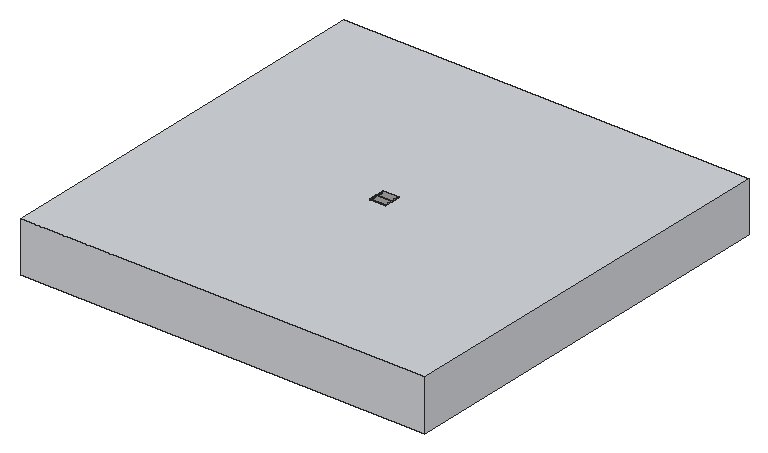
Revit family "Gira_5032219", category Elektroinstallationen, Revit 2017
Family settings
  Basisbauteil = Fläche
  Beschriftungsausrichtung beibehalten = Nein
  Bemaßung runder Anschluss = Durchmesser verwenden
  Teiletyp = Normal
  Beim Laden mit Abzugskörper schneiden = Nein
  Gemeinsam genutzt = Nein
  Raumberechnungspunkt = Nein
Parameters (values of type "Wippenset 2f indiv. Tastsens.4 TS4 Edelstahl")
  Werkstoffgüte = "Edelstahl"
  Werkstoff Text = "Metall"
  Default Elevation = 1219.2 mm
  URL = "https://www.gira.de/"
  Typname = "Wippenset 2f indiv. Tastsens.4 TS4 Edelstahl"
  Type Comments = ""
  Transparent = no
  Produktseite = "https://media.stage.bim.site/t/eyJhbGciOiJIUzI1NiIsInR5cCI6IkpXVCJ9.eyJjdCI6MiwidHUiOiJodHRwOi8va2F0YWxvZy5naXJhLmRlL2RlX0RFL2RhdGVuYmxhdHQuaHRtbD9hcnRpa2VsbnI9NTAzMjIxOSIsImNpZCI6IjMyNzdjYzIzLTgxYTktNGVlMy1hOTBhLWI0N2JiNGMwYjYxNiIsInJpZCI6ImJkOGIwZDA4OWM5YTI1MDY3ZTVhYTk4YmQyZTcxNDA1IiwicGlkIjoiMWEwNWI4NWQzZjM5MTBhYzIyOTk5YTgwNWRhMzc0YTUzNzkzYzRkNyIsInNpZCI6IjYzNDcwIiwidXQiOjEsImxjIjoiZGUiLCJpYXQiOjE2MDA5NDUwNDIsImlzcyI6Imh0dHBzOi8vYXBpLmxpdmUuYmltLnNpdGUiLCJzdWIiOiJhZG1pbkBiaW1zaXRlLmRldiJ9.ijqFo0Ivdhw8XxhTHYdIwO0H985sL1LpokCvo42Ckm4"
  Model = ""
  Cost = 0
  Hersteller = "Gira"
  HeinzeBIM = "https://www.heinze.de/bim/wippenset-2f-indiv-tastsens-4-ts4-edelstahl/1a05b85d3f3910ac22999a805da374a53793c4d7"
  HAN = "5032219"
  GTIN = "4010337072591"
  Funk bidirektional = no
  Farbe = "Edelstahl"
  Datenblatt 1 = "https://media.stage.bim.site/t/eyJhbGciOiJIUzI1NiIsInR5cCI6IkpXVCJ9.eyJjdCI6MSwidGYiOiJwdWJsaWMvZ2lyYS9hZThjNTU3LzUwMzIyMTkudHh0IiwiY2lkIjoiMzI3N2NjMjMtODFhOS00ZWUzLWE5MGEtYjQ3YmI0YzBiNjE2IiwicmlkIjoiYmQ4YjBkMDg5YzlhMjUwNjdlNWFhOThiZDJlNzE0MDUiLCJwaWQiOiIxYTA1Yjg1ZDNmMzkxMGFjMjI5OTlhODA1ZGEzNzRhNTM3OTNjNGQ3Iiwic2lkIjoiNjM0NzAiLCJ1dCI6MSwibGMiOiJkZSIsImlhdCI6MTYwMDk0NTA0MiwiaXNzIjoiaHR0cHM6Ly9hcGkubGl2ZS5iaW0uc2l0ZSIsInN1YiI6ImFkbWluQGJpbXNpdGUuZGV2In0.yfmcu-igpruNotjL6Xs7vsBE1ZWBDFnUTnHM0MsFbJM/5032219.txt"
  Datenblatt = "https://media.stage.bim.site/t/eyJhbGciOiJIUzI1NiIsInR5cCI6IkpXVCJ9.eyJjdCI6MSwidHUiOiJodHRwczovL2thdGFsb2cuZ2lyYS5kZS9kZV9ERS9kb3dubG9hZC5odG1sP2FydGlrZWxucj01MDMyMjE5IiwiY2lkIjoiMzI3N2NjMjMtODFhOS00ZWUzLWE5MGEtYjQ3YmI0YzBiNjE2IiwicmlkIjoiYmQ4YjBkMDg5YzlhMjUwNjdlNWFhOThiZDJlNzE0MDUiLCJwaWQiOiIxYTA1Yjg1ZDNmMzkxMGFjMjI5OTlhODA1ZGEzNzRhNTM3OTNjNGQ3Iiwic2lkIjoiNjM0NzAiLCJ1dCI6MSwibGMiOiJkZSIsImlhdCI6MTYwMDk0NTA0MiwiaXNzIjoiaHR0cHM6Ly9hcGkubGl2ZS5iaW0uc2l0ZSIsInN1YiI6ImFkbWluQGJpbXNpdGUuZGV2In0.Tbuf4FYel3wtJTNRu4MZLc2jDxIAPFHeqeOtQw1jLyo"
  Bussystem Powernet = no
  Bussystem LON = no
  Bussystem KNX-Funk = no
  Bussystem KNX = yes
  Bussystem Funkbus = no
  Beschreibung = "Wippenset 2fach individuell für Tastsensor 4  Edelstahl Hinweise :  Beschreibbare Wippensets können mit einer individuellen Beschriftung versehen werden. Die Bestellung wird über den Großhandel abgewickelt, der beim Bestellvorgang der Wippen angegeben wurde.  Dieses Produkt kann ausschließlich über den Gira Beschriftungsservice bestellt werden.  Professionelle Beschriftung über den Gira Beschriftungsservice www.beschriftung.gira.de."
  Assembly Code = ""
  Keynote = ""
  BIMSITE_PRODUCT_ID = "1a05b85d3f3910ac22999a805da374a53793c4d7"
  BIM = "https://media.stage.bim.site/t/eyJhbGciOiJIUzI1NiIsInR5cCI6IkpXVCJ9.eyJjdCI6MSwidGYiOiJwdWJsaWMvZ2lyYS9hZThjNTU3LzQwXzUwMjIwMCBUUzQgV2lwcGVuc2V0IDJmYWNoLnJmYSIsImNpZCI6IjMyNzdjYzIzLTgxYTktNGVlMy1hOTBhLWI0N2JiNGMwYjYxNiIsInJpZCI6ImJkOGIwZDA4OWM5YTI1MDY3ZTVhYTk4YmQyZTcxNDA1IiwicGlkIjoiMWEwNWI4NWQzZjM5MTBhYzIyOTk5YTgwNWRhMzc0YTUzNzkzYzRkNyIsInNpZCI6IjYzNDcwIiwidXQiOjUsImxjIjoiZGUiLCJpYXQiOjE2MDA5NDUwNDIsImlzcyI6Imh0dHBzOi8vYXBpLmxpdmUuYmltLnNpdGUiLCJzdWIiOiJhZG1pbkBiaW1zaXRlLmRldiJ9.BfmiDsvKErC1IHSV8Ag5tXCP7EtjuatBbE-e-5SbjdI/40_502200 TS4 Wippenset 2fach.rfa"
  Andere Bussysteme = "ohne"
Reference planes
  plane 1 "Center (Front/Back)": y = 0
  plane 2: z = 0
  plane 3 "Center (Left/Right)": x = 0
Forms (mm)
  Extrusion 1, solid
    sketch origin (0, 0, 0) x (1, 0, 0) y (0, 1, 0)
      loop
        line (-1219.2, 1219.2) -> (-1219.2, -1219.2) -> (1219.2, -1219.2) -> (1219.2, 1219.2) -> (-1219.2, 1219.2)
    from 0 to -304.8
Dimensions and locks
  aligned and locked: plane 2 to Extrusion 1
  aligned and locked: level to Extrusion 1
Nested families
  nested 1: "40_502100 TS4 Wippenset 2fach" at (0, 0, 0), type "40_502100 TS4 Wippenset 2fach"
Definition of nested family "40_502100 TS4 Wippenset 2fach"
  Parameters
    White = none
  Reference planes
    plane 1 "Center (Front/Back)": y = 0
    plane 2: z = 0
    plane 3 "Center (Left/Right)": x = 0
  Forms (mm)
    Extrusion 1, solid, material <- "White", detail levels fine
      sketch origin (0, 0, 0) x (1, 0, 0) y (0, 1, 0)
        loop
          arc (-46.5, 47.5) -> (-47.207, 47.207) -> (-47.5, 46.5) r 1
          line (-47.5, 46.5) -> (-47.5, 24.8) -> (-42.5, 24.8)
          arc (-42.5, 24.8) -> (-41.5, 23.8) -> (-42.5, 22.8) r 1
          line (-42.5, 22.8) -> (-47.5, 22.8) -> (-47.5, 1.15)
          arc (-47.5, 1.15) -> (-47.207, 0.443) -> (-46.5, 0.15) r 1
          line (-46.5, 0.15) -> (46.5, 0.15)
          arc (46.5, 0.15) -> (47.207, 0.443) -> (47.5, 1.15) r 1
          line (47.5, 1.15) -> (47.5, 22.8) -> (42.5, 22.8)
          arc (42.5, 22.8) -> (41.5, 23.8) -> (42.5, 24.8) r 1
          line (42.5, 24.8) -> (47.5, 24.8) -> (47.5, 46.5)
          arc (47.5, 46.5) -> (47.207, 47.207) -> (46.5, 47.5) r 1
          line (46.5, 47.5) -> (-46.5, 47.5)
        loop
          arc (46.5, -47.5) -> (47.207, -47.207) -> (47.5, -46.5) r 1
          line (47.5, -46.5) -> (47.5, -24.8) -> (42.5, -24.8)
          arc (42.5, -24.8) -> (41.5, -23.8) -> (42.5, -22.8) r 1
          line (42.5, -22.8) -> (47.5, -22.8) -> (47.5, -1.15)
          arc (47.5, -1.15) -> (47.207, -0.443) -> (46.5, -0.15) r 1
          line (46.5, -0.15) -> (-46.5, -0.15)
          arc (-46.5, -0.15) -> (-47.207, -0.443) -> (-47.5, -1.15) r 1
          line (-47.5, -1.15) -> (-47.5, -22.8) -> (-42.5, -22.8)
          arc (-42.5, -22.8) -> (-41.5, -23.8) -> (-42.5, -24.8) r 1
          line (-42.5, -24.8) -> (-47.5, -24.8) -> (-47.5, -46.5)
          arc (-47.5, -46.5) -> (-47.207, -47.207) -> (-46.5, -47.5) r 1
          line (-46.5, -47.5) -> (46.5, -47.5)
      from 0 to 3.1
    Extrusion 2, solid, material <- "White", detail levels fine
      sketch origin (0, 0, 0) x (1, 0, 0) y (0, 1, 0)
        loop
          line (43.976, 44.188) -> (-43.976, 44.188) -> (-43.976, 0.15) -> (43.976, 0.15) -> (43.976, 44.188)
        loop
          line (43.976, -44.188) -> (43.976, -0.15) -> (-43.976, -0.15) -> (-43.976, -44.188) -> (43.976, -44.188)
      from 0 to -1.5
    Extrusion 3, solid, detail levels fine
      sketch origin (0, 0, 0) x (1, 0, 0) y (0, 0, 1)
        loop
          arc (-1.639, -4) -> (-1.115, -3.694) -> (-1.122, -3.087) r 0.603
          arc (-1.122, -3.087) -> (-0.011, -1.666) -> (1.122, -3.087) r 1.145
          arc (1.122, -3.087) -> (1.115, -3.694) -> (1.639, -4) r 0.603
          line (1.639, -4) -> (2.5, -4) -> (3.5, -1.5) -> (-3.5, -1.5) -> (-2.5, -4) -> (-1.639, -4)
      from 41.985 to 44.199
    Extrusion 4, solid, detail levels fine
      sketch origin (0, 0, 0) x (1, 0, 0) y (0, 0, -1)
        loop
          line (-1.639, 4) -> (-2.5, 4) -> (-3.5, 1.5) -> (3.5, 1.5) -> (2.5, 4) -> (1.639, 4)
          arc (1.639, 4) -> (1.115, 3.694) -> (1.122, 3.087) r 0.603
          arc (1.122, 3.087) -> (-0.011, 1.666) -> (-1.122, 3.087) r 1.145
          arc (-1.122, 3.087) -> (-1.115, 3.694) -> (-1.639, 4) r 0.603
      from 41.985 to 44.199
    Extrusion 5, solid, material <- "White", detail levels medium
      sketch origin (0, 0, 0) x (1, 0, 0) y (0, 1, 0)
        loop
          line (43.976, 44.188) -> (-43.976, 44.188) -> (-43.976, 0.15) -> (43.976, 0.15) -> (43.976, 44.188)
        loop
          line (43.976, -44.188) -> (43.976, -0.15) -> (-43.976, -0.15) -> (-43.976, -44.188) -> (43.976, -44.188)
      from 0 to -4
    Extrusion 6, solid, material <- "White", detail levels medium
      sketch origin (0, 0, 0) x (1, 0, 0) y (0, 1, 0)
        loop
          line (-47.5, 47.5) -> (-47.5, 0.15) -> (47.5, 0.15) -> (47.5, 47.5) -> (-47.5, 47.5)
        loop
          line (47.5, -47.5) -> (47.5, -0.15) -> (-47.5, -0.15) -> (-47.5, -47.5) -> (47.5, -47.5)
      from 0 to 3.3
    Extrusion 7, solid, material <- "White", detail levels fine
      sketch origin (0, 0, 0) x (1, 0, 0) y (0, 1, 0)
        loop
          line (-43.976, 44.188) -> (-43.976, 40.908) -> (-42.655, 40.908) -> (-42.655, 44.188) -> (-43.976, 44.188)
        loop
          line (43.976, 44.188) -> (42.655, 44.188) -> (42.655, 40.908) -> (43.976, 40.908) -> (43.976, 44.188)
        loop
          line (-43.976, -44.188) -> (-42.655, -44.188) -> (-42.655, -40.908) -> (-43.976, -40.908) -> (-43.976, -44.188)
        loop
          line (43.976, -44.188) -> (43.976, -40.908) -> (42.655, -40.908) -> (42.655, -44.188) -> (43.976, -44.188)
      from 0 to -4
    Extrusion 8, solid, detail levels fine
      sketch origin (0, 0, 0) x (1, 0, 0) y (0, 1, 0)
        loop
          line (-47.5, 24.8) -> (-47.5, 22.8) -> (-42.5, 22.8)
          arc (-42.5, 22.8) -> (-41.5, 23.8) -> (-42.5, 24.8) r 1
          line (-42.5, 24.8) -> (-47.5, 24.8)
        loop
          line (47.5, 24.8) -> (42.5, 24.8)
          arc (42.5, 24.8) -> (41.5, 23.8) -> (42.5, 22.8) r 1
          line (42.5, 22.8) -> (47.5, 22.8) -> (47.5, 24.8)
        loop
          line (-47.5, -24.8) -> (-42.5, -24.8)
          arc (-42.5, -24.8) -> (-41.5, -23.8) -> (-42.5, -22.8) r 1
          line (-42.5, -22.8) -> (-47.5, -22.8) -> (-47.5, -24.8)
        loop
          line (47.5, -24.8) -> (47.5, -22.8) -> (42.5, -22.8)
          arc (42.5, -22.8) -> (41.5, -23.8) -> (42.5, -24.8) r 1
          line (42.5, -24.8) -> (47.5, -24.8)
      from 0 to 3.3
    Extrusion 9, solid, detail levels coarse
      sketch origin (0, 0, 0) x (1, 0, 0) y (0, 1, 0)
        loop
          line (-47.5, 47.5) -> (-47.5, -47.5) -> (47.5, -47.5) -> (47.5, 47.5) -> (-47.5, 47.5)
      from -4 to 3.3
    Extrusion 10, solid, material <- "White", detail levels fine
      sketch origin (0, 23.8, 0) x (1, 0, 0) y (0, 1, 0)
        loop
          line (-41.852, 6.181) -> (-43.976, 4.461) -> (-43.976, -4.461) -> (-41.852, -6.181)
          arc (-41.852, -6.181) -> (-38.884, -6.014) -> (-38.763, -3.043) r 2.212
          line (-38.763, -3.043) -> (-38.763, 3.043)
          arc (-38.763, 3.043) -> (-38.884, 6.014) -> (-41.852, 6.181) r 2.212
        loop
          arc (-39.415, 3.847) -> (-39.669, 5.38) -> (-41.223, 5.404) r 1.212
          line (-41.223, 5.404) -> (-42.938, 4.015) -> (-40.57, 1.883) -> (-39.415, 3.847)
        loop
          line (-39.415, -3.847) -> (-40.57, -1.883) -> (-42.938, -4.015) -> (-41.223, -5.404)
          arc (-41.223, -5.404) -> (-39.669, -5.38) -> (-39.415, -3.847) r 1.212
        loop
          arc (41.852, 6.181) -> (38.884, 6.014) -> (38.763, 3.043) r 2.212
          line (38.763, 3.043) -> (38.763, -3.043)
          arc (38.763, -3.043) -> (38.884, -6.014) -> (41.852, -6.181) r 2.212
          line (41.852, -6.181) -> (43.976, -4.461) -> (43.976, 4.461) -> (41.852, 6.181)
        loop
          line (39.415, 3.847) -> (40.57, 1.883) -> (42.938, 4.015) -> (41.223, 5.404)
          arc (41.223, 5.404) -> (39.669, 5.38) -> (39.415, 3.847) r 1.212
        loop
          arc (39.415, -3.847) -> (39.669, -5.38) -> (41.223, -5.404) r 1.212
          line (41.223, -5.404) -> (42.938, -4.015) -> (40.57, -1.883) -> (39.415, -3.847)
      from 0 to -3.6
    Extrusion 11, solid, detail levels fine
      sketch origin (0, -22.503, 0) x (1, 0, 0) y (0, 0, -1)
        loop
          line (-1.639, 4) -> (-2.5, 4) -> (-3.5, 1.5) -> (3.5, 1.5) -> (2.5, 4) -> (1.639, 4)
          arc (1.639, 4) -> (1.115, 3.694) -> (1.122, 3.087) r 0.603
          arc (1.122, 3.087) -> (-0.011, 1.666) -> (-1.122, 3.087) r 1.145
          arc (-1.122, 3.087) -> (-1.115, 3.694) -> (-1.639, 4) r 0.603
      from 28.117 to 25.903
    Extrusion 12, solid, material <- "White", detail levels fine
      sketch origin (0, -25, 0) x (1, 0, 0) y (0, 1, 0)
        loop
          line (-43.976, 21.601) -> (-43.976, 18.309) -> (-42.655, 18.309) -> (-42.655, 21.601) -> (-43.976, 21.601)
        loop
          line (43.976, 21.601) -> (42.655, 21.601) -> (42.655, 18.309) -> (43.976, 18.309) -> (43.976, 21.601)
        loop
          line (-43.976, -19.188) -> (-42.655, -19.188) -> (-42.655, -15.908) -> (-43.976, -15.908) -> (-43.976, -19.188)
        loop
          line (43.976, -19.188) -> (43.976, -15.908) -> (42.655, -15.908) -> (42.655, -19.188) -> (43.976, -19.188)
      from 0 to -4
    Extrusion 13, solid, material <- "White", detail levels fine
      sketch origin (0, -23.8, 0) x (1, 0, 0) y (0, 1, 0)
        loop
          arc (-41.852, -6.181) -> (-38.884, -6.014) -> (-38.763, -3.043) r 2.212
          line (-38.763, -3.043) -> (-38.763, 3.043)
          arc (-38.763, 3.043) -> (-38.884, 6.014) -> (-41.852, 6.181) r 2.212
          line (-41.852, 6.181) -> (-43.976, 4.461) -> (-43.976, -4.461) -> (-41.852, -6.181)
        loop
          line (-39.415, -3.847) -> (-40.57, -1.883) -> (-42.938, -4.015) -> (-41.223, -5.404)
          arc (-41.223, -5.404) -> (-39.669, -5.38) -> (-39.415, -3.847) r 1.212
        loop
          arc (-39.415, 3.847) -> (-39.669, 5.38) -> (-41.223, 5.404) r 1.212
          line (-41.223, 5.404) -> (-42.938, 4.015) -> (-40.57, 1.883) -> (-39.415, 3.847)
        loop
          line (41.852, -6.181) -> (43.976, -4.461) -> (43.976, 4.461) -> (41.852, 6.181)
          arc (41.852, 6.181) -> (38.884, 6.014) -> (38.763, 3.043) r 2.212
          line (38.763, 3.043) -> (38.763, -3.043)
          arc (38.763, -3.043) -> (38.884, -6.014) -> (41.852, -6.181) r 2.212
        loop
          arc (39.415, -3.847) -> (39.669, -5.38) -> (41.223, -5.404) r 1.212
          line (41.223, -5.404) -> (42.938, -4.015) -> (40.57, -1.883) -> (39.415, -3.847)
        loop
          line (39.415, 3.847) -> (40.57, 1.883) -> (42.938, 4.015) -> (41.223, 5.404)
          arc (41.223, 5.404) -> (39.669, 5.38) -> (39.415, 3.847) r 1.212
      from 0 to -3.6
    Extrusion 14, solid, detail levels fine
      sketch origin (0, 22.503, 0) x (1, 0, 0) y (0, 0, 1)
        loop
          arc (-1.639, -4) -> (-1.115, -3.694) -> (-1.122, -3.087) r 0.603
          arc (-1.122, -3.087) -> (-0.011, -1.666) -> (1.122, -3.087) r 1.145
          arc (1.122, -3.087) -> (1.115, -3.694) -> (1.639, -4) r 0.603
          line (1.639, -4) -> (2.5, -4) -> (3.5, -1.5) -> (-3.5, -1.5) -> (-2.5, -4) -> (-1.639, -4)
      from 28.117 to 25.903
    Extrusion 15, solid, material <- "White", detail levels fine
      sketch origin (0, 25, 0) x (1, 0, 0) y (0, 1, 0)
        loop
          line (-43.976, -21.601) -> (-42.655, -21.601) -> (-42.655, -18.309) -> (-43.976, -18.309) -> (-43.976, -21.601)
        loop
          line (43.976, -21.601) -> (43.976, -18.309) -> (42.655, -18.309) -> (42.655, -21.601) -> (43.976, -21.601)
        loop
          line (-43.976, 19.188) -> (-43.976, 15.908) -> (-42.655, 15.908) -> (-42.655, 19.188) -> (-43.976, 19.188)
        loop
          line (43.976, 19.188) -> (42.655, 19.188) -> (42.655, 15.908) -> (43.976, 15.908) -> (43.976, 19.188)
      from 0 to -4
  Cuts and joins
    joined: Extrusion 2, Extrusion 7, Extrusion 10
  Dimensions and locks
    aligned and locked: level to plane 2
